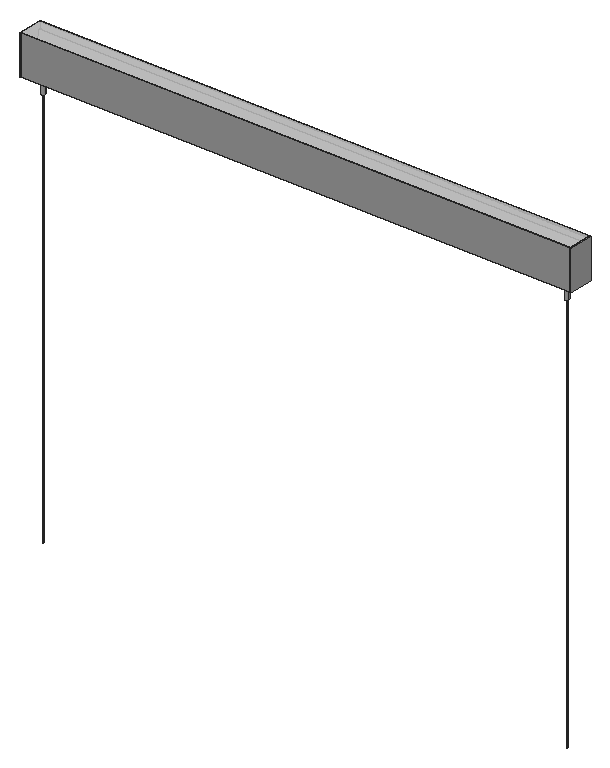
Revit family "2093144 Sylvania Lighting Fixture MC2-KIT 1-2M 4K DALIEM WHT PROS", category Lighting Fixtures, host Face, Revit 2016
Family settings
  Host = Face
  Part Type = Normal
  Round Connector Dimension = Use Diameter
  OmniClass Number = 23.80.70.11.17
  OmniClass Title = Specialized Lighting by Location or Use
  Cut with Voids When Loaded = No
  Light Source = Yes
  Shared = No
  Room Calculation Point = No
Parameters (values of type "2093144 MC2-KIT 1.2M 4K DALIEM WHT PRIS Emergency mode")
  Width_SYL = 54.0 mm
  Weight = "3.8 kg"
  Wattage = 23.97 W
  WarrantyStartDate [instance] = "n/a"
  WarrantyGuarantorParts = "n/a"
  WarrantyDurationUnit = "n/a"
  WarrantyDurationParts = "n/a"
  WarrantyDescription = "n/a"
  built-in parameter 1150110 = 1 (stored number, unit not read)
  Voltage = 0 V
  URL = "http://www.sylvania-lighting.com"
  TypeName = "MC2-KIT 1.2M 4K DALIEM WHT PRIS Emergency mode"
  built-in parameter 1114217 = 1 (stored number, unit not read)
  Tilt Angle = -90.00°
  built-in parameter 1150109 = 1 (stored number, unit not read)
  built-in parameter 1150134 = 12
  built-in parameter 1150113 = 1 (stored number, unit not read)
  SerialNumber [instance] = "n/a"
  PowerFactor = 0.98
  PowerConsumption = "23.97 W"
  NominalWidth = 0.0 mm
  NominalLength = 1200.0 mm
  NominalHeight = 86.0 mm
  Name = "MC2-KIT 1.2M 4K DALIEM WHT PRIS Emergency mode"
  ModelReference = "MC2-KIT 1.2M 4K DALIEM WHT PRIS"
  ModelNumber = "2093144"
  Material_3_SYL = Metal_Sylvania_Mini Contiuum II_Silver
  Photometric Web File = "2093144EM.ies"
  Material_4_SYL = Metal_Sylvania_Mini Contiuum II_Silver
  MountingHeight_SYL [instance] = 1000.0 mm
  Material = "aluminium housing, polycarbonate diffuser"
  ManufacturerName = "Feilo Sylvania"
  LuminousEfficacy = "5.047 lm/W"
  LuminaireType = ""
  LightOutputRatio = "100"
  Length_SYL = 1200.0 mm
  LampsType = Lamp  # "LED"
  LampNominalLuminous = "121 lm"
  LampMacAdamStep = "3"
  LampColourTemperature = "4000 K"
  LampColourRenderingIndex = "80"
  Keynote = "16500"
  InstallationDate [instance] = "n/a"
  InputVoltage = "n/a"
  InputNominalFrequency = "n/a"
  IngressProtection = "IP20"
  ImpactProtectionIndex = "n/a"
  IfcExportType = "IfcLightFixtureType"
  IfcExportAs = "IfcLightFixtureType"
  Height_SYL = 86.0 mm
  ExpectedLife = 50000
  Emit from Rectangle Width = Width_SYL - 2.0 mm  # 52.0 mm
  Emit from Rectangle Length = Length_SYL  # 1200.0 mm
  Emit Shape Visible in Rendering = no
  ElectricShockClassification = "Class I"
  DurationUnit = "hours"
  DocumentationLiterature = "http://www.sylvania-lighting.com/product/en-int/products/2093144"
  DimmingControlOptions = "n/a"
  CreatedOn = "10/15/2018"
  CreatedBy = "@sylvania-lighting.com"
  built-in parameter 1114216 [instance] = 1 (stored number, unit not read)
  Model = "MC2-KIT 1.2M 4K DALIEM WHT PRIS"
  Manufacturer = "Feilo Sylvania"
  built-in parameter 1150105 = 9.6289 (stored number, unit not read)
  Lumens = 121 lm
  built-in parameter 1150115 = 1 (stored number, unit not read)
  built-in parameter 1150137 = (empty or 0)
  built-in parameter 1150139 = (empty or 0)
  built-in parameter 1150112 = 1 (stored number, unit not read)
  built-in parameter 1150114 = 1 (stored number, unit not read)
  Lamp = "LED"
  built-in parameter 1150132 = 2
  built-in parameter 1150102 = (empty or 0)
  built-in parameter 1150107 = 4000 (stored number, unit not read)
  built-in parameter 1150138 = (empty or 0)
  built-in parameter 1150106 = 0.096289 (stored number, unit not read)
  Material_1_SYL = Metal_Sylvania_Mini Continuum II_White
  built-in parameter 1150104 = 0.46897 (stored number, unit not read)
  Dimming Lamp Color Temperature Shift = <None>
  Material_2_SYL = Polycarbonate_Sylvania_Mini Continuum II_Opal_4000K
  Description = "2093144   MC2-KIT 1.2M 4K DALIEM WHT PRIS  Continuous lines of LED light, white RAL 9016, direct distribution, suspended kit version is pre-wired and supplied complete with end caps and suspension cables, compact and minimalist design based on the Golden Mean, ideal for offices, meeting rooms, corridors, education facilities, museums and libraries, extruded aluminium body, diffuser: micro prismatic, colour temperature: 4000K neutral white, total system power: 24W, total fixture output: 2095lm, emergency output: 115lm, luminaire efficacy: 87lm/W, LOR: 100%, colour rendering: Ra >80, LED Chromacity: 1 step MacAdam ellipse, lifetime: 60,000 hours at 90% of the original output (L90), energy class: A++, A+, A, IR/UV free light source without heat radiation, operating voltage: 220-240V / 50-60Hz, drive current: 800mA, electronic driver, DALI dimmable, integral emergency: 3 hour maintained, electrical protection: CLASS I, IP20, suitable for internal environment only."
  Default Elevation = 0.0 mm
  Color Filter = 16777215
  built-in parameter 1140040 [instance] = 1
  BarCode [instance] = "n/a"
  built-in parameter 1114218 = 1 (stored number, unit not read)
  built-in parameter 1150133 = 10 (stored number, unit not read)
  AssetType = "Fixed"
  AssetIdentifier [instance] = "n/a"
  Assembly Code = "D5020200"
  Apparent Load = 23.97 VA
Types (2, lengths in mm): name | TypeName | Name | Photometric Web File | LuminousEfficacy | LampNominalLuminous | built-in parameter 1150105 | Lumens | built-in parameter 1150106 | built-in parameter 1150104
  2093144 MC2-KIT 1.2M 4K DALIEM WHT PRIS Emergency mode | "MC2-KIT 1.2M 4K DALIEM WHT PRIS Emergency mode" | "MC2-KIT 1.2M 4K DALIEM WHT PRIS Emergency mode" | "2093144EM.ies" | "5.047 lm/W" | "121 lm" | 9.6289 (stored number, unit not read) | 121 lm | 0.096289 (stored number, unit not read) | 0.46897 (stored number, unit not read)
  2093144 MC2-KIT 1.2M 4K DALIEM WHT PRIS | "MC2-KIT 1.2M 4K DALIEM WHT PRIS" | "MC2-KIT 1.2M 4K DALIEM WHT PRIS" | "2093144.ies" | "93 lm/W" | "2221 lm" | 177.39 (stored number, unit not read) | 2229.21 lm | 1.7739 (stored number, unit not read) | 8.64 (stored number, unit not read)
Reference planes
  plane 1 "Center (Front/Back)": y = 0
  plane 2 "Bottom Fixtures": z = 0
  plane 3 "Center (Left/Right)": x = 0
  plane 4 "Fixture Left": x = -600
  plane 5 "Fixture Right": x = 600
  plane 6 "Fixture Bottom": z = 1000
  plane 7: z = 998
  plane 8: z = 996
  plane 9: z = 986.951
  plane 10: z = 956.951
  plane 11 "Fixture Top": z = 914
  plane 12 "Mounting Right": x = 572
  plane 13 "Mounting Left": x = -572
  plane 14: z = 879
  plane 15: y = 27
  plane 16: y = -27
  plane 17: y = -26
  plane 18: y = -25
  plane 19: y = 26
  plane 20: y = 25
  plane 21: y = 11
  plane 22: y = -11
  plane 23: y = 24
  plane 24: y = 22
  plane 25: y = -22
  plane 26: y = 15
  plane 27: y = -15
  plane 28 "Upper Diffuser Left": x = -450
  plane 29 "Upper Diffuser Right": x = 450
  plane 30: x = -602
  plane 31: x = 602
Forms (mm)
  Extrusion 1, solid, material "Metal_Sylvania_Mini Continuum II_White" <- "Material_1_SYL", detail levels fine
    sketch origin (0, 0, 520) x (0, 1, 0) y (0, 0, 1)
      loop
        line (27, 480) -> (26, 480) -> (26, 478) -> (25, 478) -> (25, 396) -> (13, 396) -> (13, 398) -> (-13, 398) -> (-13, 396) -> (-25, 396) -> (-25, 478) -> (-26, 478) -> (-26, 480) -> (-27, 480) -> (-27, 394) -> (-11, 394) -> (-11, 396) -> (11, 396) -> (11, 394) -> (27, 394) -> (27, 480)
    from -600 to 600
  Extrusion 2, solid, material "Polycarbonate_Sylvania_Mini Continuum II_Opal_4000K" <- "Material_2_SYL", detail levels fine
    sketch origin (0, 0, 520) x (0, 1, 0) y (0, 0, 1)
      loop
        line (-26, 480) -> (-26, 478) -> (26, 478) -> (26, 480) -> (-26, 480)
    from -600 to 600
  Extrusion 3, solid, material "Metal_Sylvania_Mini Contiuum II_Silver" <- "Material_3_SYL", detail levels fine
    sketch origin (0, 0, 520) x (0, 1, 0) y (0, 0, 1)
      loop
        line (22, 466.951) -> (20.973, 466.951) -> (14.206, 437.951) -> (11, 437.951) -> (11, 436.951) -> (15, 436.951) -> (22, 466.951)
      loop
        line (-15, 436.951) -> (-11, 436.951) -> (-11, 437.951) -> (-14.206, 437.951) -> (-20.973, 466.951) -> (-22, 466.951) -> (-15, 436.951)
    from -600 to 600
  Extrusion 4, solid, material "Metal_Sylvania_Mini Continuum II_White" <- "Material_1_SYL", detail levels coarse+medium
    sketch origin (0, 0, 520) x (0, 1, 0) y (0, 0, 1)
      loop
        line (-27, 480) -> (-27, 394) -> (27, 394) -> (27, 480) -> (-27, 480)
    from -600 to 600
  Extrusion 5, solid, material "Metal_Sylvania_Mini Contiuum II_Silver" <- "Material_4_SYL", detail levels fine
    sketch origin (0, 0, -86) x (-1, 0, 0) y (0, -1, 0)
      loop
        circle (572, 0) r 4
      loop
        circle (-572, 0) r 4
    from 965 to 1002
  Extrusion 6, solid, material "Metal_Sylvania_Mini Contiuum II_Silver" <- "Material_4_SYL", detail levels fine
    sketch origin (0, 0, -86) x (-1, 0, 0) y (0, -1, 0)
      loop
        circle (-572, 0) r 1
      loop
        circle (572, 0) r 1
    from 86 to 965
  Extrusion 7, solid, material "Metal_Sylvania_Mini Continuum II_White" <- "Material_1_SYL"
    sketch origin (-600, 171.684, 1219.2) x (0, 1, 0) y (0, 0, 1)
      loop
        line (-198.684, -305.2) -> (-144.684, -305.2) -> (-144.684, -219.2) -> (-198.684, -219.2) -> (-198.684, -305.2)
    from 0 to -2
  Extrusion 8, solid, material "Metal_Sylvania_Mini Continuum II_White" <- "Material_1_SYL"
    sketch origin (600, 171.684, 1219.2) x (0, 1, 0) y (0, 0, -1)
      loop
        line (-144.684, 219.2) -> (-144.684, 305.2) -> (-198.684, 305.2) -> (-198.684, 219.2) -> (-144.684, 219.2)
    from 0 to -2
Lines and regions (mm)
  Masking region 1
    outline origin (0, 0, -86) x (-1, 0, 0) y (0, -1, 0)
      loop
        line (600, -27) -> (600, 27) -> (-600, 27) -> (-600, -27) -> (600, -27)
  symbolic lines, detail levels fine
    curve 1: line (-600, 26, -86) -> (600, 26, -86)
    curve 2: line (-600, -26, -86) -> (600, -26, -86)
  model lines, detail levels coarse+medium
    curve 3: line (-572, 0, 914) -> (-572, 0, 0)
    curve 4: line (572, 0, 914) -> (572, 0, 0)
Dimensions and locks
  host sketch curve to plane 3 "Center (Left/Right)" to host sketch curve = 820.0 mm, 775.047 mm
  equal spacing: plane 4 "Fixture Left", plane 3 "Center (Left/Right)", plane 5 "Fixture Right"
  "Length_SYL": plane 4 "Fixture Left" to plane 5 "Fixture Right"
  plane 6 "Fixture Bottom" to plane 7 to plane 8 to plane 9 to plane 10 = 2.0 mm locked, 2.0 mm locked, 9.049 mm locked, 30.0 mm locked
  locked: Extrusion 1 sketch curve to Extrusion 1 sketch curve at 2
  locked: Extrusion 1 sketch curve to plane 11 "Fixture Top" at 2
  "Height_SYL": plane 6 "Fixture Bottom" to plane 11 "Fixture Top"
  locked: plane 12 "Mounting Right" to plane 5 "Fixture Right" at 28
  locked: plane 4 "Fixture Left" to plane 13 "Mounting Left" at 28
  locked: plane 11 "Fixture Top" to plane 14 at 35
  "MountingHeight_SYL": plane 6 "Fixture Bottom" to plane 2 "Bottom Fixtures"
  equal spacing: plane 15, plane 1 "Center (Front/Back)", plane 16
  "Width_SYL": plane 15 to plane 16
  plane 22 to plane 27 to plane 25 to plane 18 to plane 17 to plane 16 = 4.0 mm locked, 7.0 mm locked, 3.0 mm locked, 1.0 mm locked, 1.0 mm locked
  plane 15 to plane 19 to plane 20 to plane 23 to plane 24 to plane 26 to plane 21 = 1.0 mm locked, 1.0 mm locked, 1.0 mm locked, 2.0 mm locked, 7.0 mm locked, 4.0 mm locked
  locked: plane 4 "Fixture Left" to plane 28 "Upper Diffuser Left" at 150
  locked: plane 29 "Upper Diffuser Right" to plane 5 "Fixture Right" at 150
  equal spacing: plane 30, plane 3 "Center (Left/Right)", plane 31
  locked: plane 30 to plane 4 "Fixture Left" at 2
  aligned and locked: plane 2 "Bottom Fixtures" to host face
  aligned and locked: level to host face
  aligned and locked: plane 5 "Fixture Right" to curve 1
  aligned and locked: plane 4 "Fixture Left" to curve 1
  aligned and locked: plane 4 "Fixture Left" to curve 2
  aligned and locked: plane 5 "Fixture Right" to curve 2
  aligned and locked: Extrusion 1 sketch curve to plane 7
  aligned and locked: plane 6 "Fixture Bottom" to Extrusion 1 sketch curve  (x2)
  aligned and locked: plane 7 to Extrusion 1 sketch curve
  aligned and locked: Extrusion 1 to Extrusion 2 sketch curve
  aligned and locked: Extrusion 2 sketch curve to Extrusion 1  (x3)
  aligned and locked: Extrusion 3 sketch curve to plane 10
  aligned and locked: plane 9 to Extrusion 3 sketch curve
  aligned and locked: Extrusion 3 sketch curve to plane 9
  aligned and locked: Extrusion 4 sketch curve to plane 6 "Fixture Bottom"
  aligned and locked: Extrusion 4 to plane 4 "Fixture Left"
  aligned and locked: Extrusion 2 to plane 4 "Fixture Left"
  aligned and locked: Extrusion 3 to plane 4 "Fixture Left"
  aligned and locked: Extrusion 1 to plane 4 "Fixture Left"
  aligned and locked: Extrusion 4 to plane 5 "Fixture Right"
  aligned and locked: Extrusion 2 to plane 5 "Fixture Right"
  aligned and locked: Extrusion 3 to plane 5 "Fixture Right"
  aligned and locked: Extrusion 1 to plane 5 "Fixture Right"
  aligned and locked: plane 11 "Fixture Top" to Extrusion 4 sketch curve
  aligned and locked: Extrusion 1 sketch curve to plane 11 "Fixture Top"  (x2)
  aligned and locked: Extrusion 1 sketch curve to Extrusion 1 sketch curve
  aligned and locked: plane 6 "Fixture Bottom" to imposter light
  aligned and locked: plane 11 "Fixture Top" to curve 3
  aligned and locked: plane 2 "Bottom Fixtures" to curve 3
  aligned and locked: plane 11 "Fixture Top" to curve 4
  aligned and locked: plane 2 "Bottom Fixtures" to curve 4
  aligned and locked: curve 4 to plane 12 "Mounting Right"
  aligned and locked: curve 3 to plane 13 "Mounting Left"
  aligned and locked: Extrusion 5 to Extrusion 1
  aligned and locked: Extrusion 5 to plane 14
  aligned and locked: plane 14 to Extrusion 6
  aligned and locked: Extrusion 6 to level
  aligned and locked: plane 21 to Extrusion 3 sketch curve
  aligned and locked: Extrusion 3 sketch curve to plane 22
  aligned and locked: Extrusion 7 sketch curve to Extrusion 4  (x4)
  aligned and locked: Extrusion 7 to plane 30
  aligned and locked: plane 4 "Fixture Left" to Extrusion 7
  aligned and locked: Extrusion 8 sketch curve to Extrusion 4  (x4)
  aligned and locked: plane 31 to Extrusion 8
  aligned and locked: plane 5 "Fixture Right" to Extrusion 8
Automatic sketch dimensions
  host sketch curve to host sketch curve = 1047.463 mm
  plane 19 to curve 1 = 0.0 mm
  curve 2 to plane 17 = 0.0 mm
  Masking region 1 sketch curve to plane 5 "Fixture Right" = 0.0 mm
  Masking region 1 sketch curve to plane 4 "Fixture Left" = 0.0 mm
  plane 15 to Masking region 1 sketch curve = 0.0 mm
  Masking region 1 sketch curve to plane 16 = 0.0 mm
  Extrusion 1 sketch curve to plane 16 = 0.0 mm
  Extrusion 1 sketch curve to plane 17 = 0.0 mm
  Extrusion 1 sketch curve to plane 18 = 0.0 mm
  Extrusion 1 sketch curve to plane 22 = 0.0 mm
  Extrusion 1 sketch curve to plane 21 = 0.0 mm
  Extrusion 1 sketch curve to plane 20 = 0.0 mm
  Extrusion 1 sketch curve to plane 19 = 0.0 mm
  Extrusion 1 sketch curve to plane 15 = 0.0 mm
  plane 11 "Fixture Top" to Extrusion 1 sketch curve = 2.0 mm
  Extrusion 1 sketch curve to plane 22 = 2.0 mm
  Extrusion 1 sketch curve to plane 21 = 2.0 mm
  Extrusion 3 sketch curve to plane 25 = 0.0 mm
  Extrusion 3 sketch curve to plane 27 = 0.0 mm
  Extrusion 3 sketch curve to plane 26 = 0.0 mm
  Extrusion 3 sketch curve to plane 24 = 0.0 mm
  plane 10 to Extrusion 3 sketch curve = 1.0 mm
  Extrusion 3 sketch curve to Extrusion 3 sketch curve = 1.027 mm
  plane 27 to Extrusion 3 sketch curve = 0.794 mm
  plane 26 to Extrusion 3 sketch curve = 0.794 mm
  plane 24 to Extrusion 3 sketch curve = 1.027 mm
  Extrusion 4 sketch curve to plane 16 = 0.0 mm
  Extrusion 4 sketch curve to plane 15 = 0.0 mm
  plane 1 "Center (Front/Back)" to Extrusion 5 sketch curve = 0.0 mm  (x2)
  Extrusion 5 sketch curve to plane 12 "Mounting Right" = 0.0 mm
  Extrusion 5 sketch curve to plane 13 "Mounting Left" = 0.0 mm
  plane 1 "Center (Front/Back)" to Extrusion 6 sketch curve = 0.0 mm  (x2)
  Extrusion 6 sketch curve to plane 12 "Mounting Right" = 0.0 mm
  Extrusion 6 sketch curve to plane 13 "Mounting Left" = 0.0 mm
  Extrusion 3 sketch curve to Extrusion 3 sketch curve = 0.0 mm
  Extrusion 3 sketch curve to plane 10 = 0.0 mm
  radius of Extrusion 5 sketch curve = 4.0 mm  (x2)
  radius of Extrusion 6 sketch curve = 1.0 mm  (x2)
Connectors
  electrical at (600, 0, 949), driven by "Apparent Load"
    settings: on Extrusion 1, index 1, voltage 230 V, apparent load 0 VA, apparent load phase1 23.97 VA, apparent load phase2 0 VA, apparent load phase3 0 VA, power factor 1, load classification "Lighting", number of poles 1, system type 31, power factor state 1, is connector primary yes, connector utility no, sub classification motor no, connector description ""
